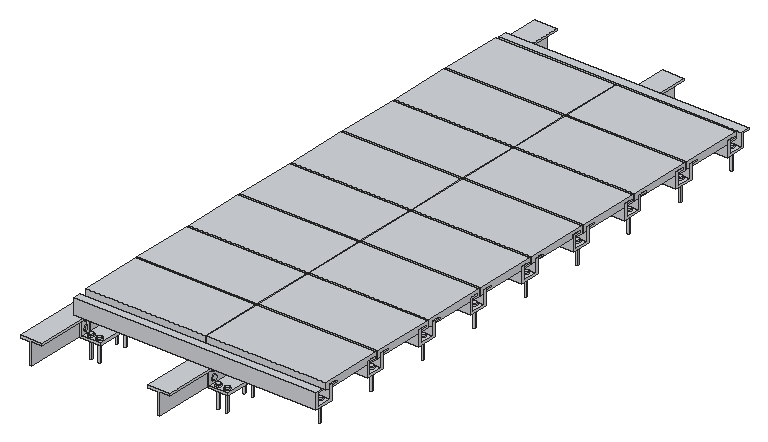
Revit family "GC - Struttura Assemblata", category Generic Models, host Face, Revit 2018
Family settings
  Host = Face
  Can host rebar = No
  Round Connector Dimension = Use Diameter
  Part Type = Normal
  Cut with Voids When Loaded = No
  Shared = No
  Room Calculation Point = No
Parameters
  Distanza Montanti = 1132.00 mm
  Distanza Correnti = 300.00 mm
  Default Elevation = 1219.20 mm
Reference planes
  plane 1 "Center (Front/Back)": y = 0
  plane 2: z = 0
  plane 3 "Center (Left/Right)": x = 0
  plane 4: y = 1119.878
  plane 5: x = 542.5
  plane 6: x = -589.5
  plane 7: y = -80.122
  plane 8: y = 219.878
  plane 9: y = 519.878
  plane 10: y = 819.878
  plane 11: y = -380.122
  plane 12: y = -680.122
  plane 13: y = -980.122
  plane 14: y = -1280.122
  plane 15: y = -1580.122
Dimensions and locks
  "Distanza Montanti": plane 6 to plane 5
  equal spacing: plane 4, plane 10, plane 9, plane 8, plane 7, plane 11, plane 12, plane 13, plane 14, plane 15
  "Distanza Correnti": plane 4 to plane 10
  aligned and locked: plane 2 to host face
  aligned and locked: level to host face
  aligned and locked: nested 3 to nested 1
  aligned and locked: nested 2 to nested 1
  aligned and locked: nested 8 to nested 5
  aligned and locked: nested 7 to nested 5
  aligned and locked: nested 6 to nested 5
  aligned and locked: plane 5 to nested 10
  aligned and locked: nested 10 to plane 10
Automatic sketch dimensions
  host sketch curve to host sketch curve = 2438.40 mm  (x2)
Nested families
  nested 1: "GC - Montante Laterale" at (-590, 1119.878, 0), type "GC - Montante Laterale"
  nested 2: "GC - Assemblaggio Bullone + Rondella + Piatto a L" at (-624.327, -331.928, 0), type "GC - Assemblaggio Bullone + Rondella + Piatto a L"
  nested 3: "GC - Assemblaggio Bullone + Rondella + Piatto a L" at (-624.327, 793.072, 0), type "GC - Assemblaggio Bullone + Rondella + Piatto a L"
  nested 4: "GC - Assemblaggio Bullone + Rondella + Piatto a L" at (-624.327, -1456.928, 0), type "GC - Assemblaggio Bullone + Rondella + Piatto a L"
  nested 5: "GC - Montante" at (5, 1119.878, 0), type "GC - Montante"
  nested 6: "GC - Assemblaggio Bullone + Rondella + Piatto a L" at (-29.327, -1456.928, 0), type "GC - Assemblaggio Bullone + Rondella + Piatto a L"
  nested 7: "GC - Assemblaggio Bullone + Rondella + Piatto a L" at (-29.327, -331.928, 0), type "GC - Assemblaggio Bullone + Rondella + Piatto a L"
  nested 8: "GC - Assemblaggio Bullone + Rondella + Piatto a L" at (-29.327, 793.072, 0), type "GC - Assemblaggio Bullone + Rondella + Piatto a L"
  nested 9: "GC - Assemblaggio Corrente + Rondella + Bullone" at (542.5, -140.122, 110) x (0, -1, 0) z (0, 0, 1), type "GC - Assemblaggio Corrente + Rondella + Bullone"
  nested 10: "GC - Assemblaggio Corrente + Rondella + Bullone" at (542.5, 759.878, 110) x (0, -1, 0) z (0, 0, 1), type "GC - Assemblaggio Corrente + Rondella + Bullone"
  nested 11: "GC - Assemblaggio Corrente + Rondella + Bullone" at (542.5, 459.878, 110) x (0, -1, 0) z (0, 0, 1), type "GC - Assemblaggio Corrente + Rondella + Bullone"
  nested 12: "GC - Assemblaggio Corrente + Rondella + Bullone" at (542.5, 159.878, 110) x (0, -1, 0) z (0, 0, 1), type "GC - Assemblaggio Corrente + Rondella + Bullone"
  nested 13: "GC - Assemblaggio Corrente + Rondella + Bullone" at (542.5, -440.122, 110) x (0, -1, 0) z (0, 0, 1), type "GC - Assemblaggio Corrente + Rondella + Bullone"
  nested 14: "GC - Assemblaggio Corrente + Rondella + Bullone" at (542.5, -740.122, 110) x (0, -1, 0) z (0, 0, 1), type "GC - Assemblaggio Corrente + Rondella + Bullone"
  nested 15: "GC - Assemblaggio Corrente + Rondella + Bullone" at (542.5, -1040.122, 110) x (0, -1, 0) z (0, 0, 1), type "GC - Assemblaggio Corrente + Rondella + Bullone"
  nested 16: "GC - Assemblaggio Corrente + Rondella + Bullone" at (542.5, -1340.122, 110) x (0, -1, 0) z (0, 0, 1), type "GC - Assemblaggio Corrente + Rondella + Bullone"
  nested 17: "GC - Assemblaggio Corrente + Rondella + Bullone" at (542.5, -1640.122, 110) x (0, -1, 0) z (0, 0, 1), type "GC - Assemblaggio Corrente + Rondella + Bullone"
  nested 18: "GC - Pannello" at (-584.5, -75.122, 180), type "GC - Pannello"
  nested 19: "GC - Pannello" at (-22.5, -75.122, 180), type "GC - Pannello"
  nested 20: "GC - Pannello" at (-584.5, 224.878, 180), type "GC - Pannello"
  nested 21: "GC - Pannello" at (-22.5, 224.878, 180), type "GC - Pannello"
  nested 22: "GC - Pannello" at (-584.5, 524.878, 180), type "GC - Pannello"
  nested 23: "GC - Pannello" at (-22.5, 524.878, 180), type "GC - Pannello"
  nested 24: "GC - Pannello" at (-584.5, -375.122, 180), type "GC - Pannello"
  nested 25: "GC - Pannello" at (-22.5, -375.122, 180), type "GC - Pannello"
  nested 26: "GC - Pannello" at (-584.5, -675.122, 180), type "GC - Pannello"
  nested 27: "GC - Pannello" at (-22.5, -675.122, 180), type "GC - Pannello"
  nested 28: "GC - Pannello" at (-584.5, -975.122, 180), type "GC - Pannello"
  nested 29: "GC - Pannello" at (-22.5, -975.122, 180), type "GC - Pannello"
  nested 30: "GC - Pannello" at (-584.5, -1275.122, 180), type "GC - Pannello"
  nested 31: "GC - Pannello" at (-22.5, -1275.122, 180), type "GC - Pannello"
  nested 32: "GC - Pannello" at (-584.5, -1575.122, 180), type "GC - Pannello"
  nested 33: "GC - Pannello" at (-22.5, -1575.122, 180), type "GC - Pannello"
Definition of nested family "GC - Montante Laterale"
  Parameters (values of type "GC - Montante Laterale")
    Montante _ Spessore = 10.00 mm
    Montante _ Raggio Foro = Montante _ Diametro Foro / 2  # 5.00 mm
    Montante _ Posizione Foro Anima Superiore = Montante _ Raggio Foro + 20.00 mm  # 25.00 mm
    Montante _ Posizione Foro Anima Inferiore = Montante _ Raggio Foro + 30.00 mm  # 35.00 mm
    Montante _ Posizione Foro Ala = 22.50 mm
    Montante _ Posizionamento Fori = 300.00 mm
    Montante _ Lunghezza = 3000.00 mm
    Montante _ Larghezza Piatto = 100.00 mm
    Montante _ Distanza Fori = 150.00 mm
    Montante _ Diametro Foro = 10.00 mm
    Montante _ Altezza = 100.00 mm
    Default Elevation = 1219.20 mm
  Reference planes
    plane 1 "Center (Front/Back)": y = 0
    plane 2: z = 0
    plane 3 "Center (Left/Right)": x = 0
    plane 4: z = 100
    plane 5: x = -10
    plane 6: z = 110
    plane 7: x = 45
    plane 8: x = -55
    plane 9: x = -5
    plane 10: y = -3000
    plane 11: y = -300
    plane 12: y = -450
    plane 13: y = -2700
    plane 14: y = -2550
    plane 15: y = -1500
    plane 16: y = -1575
    plane 17: y = -1425
    plane 18: z = 75
    plane 19: z = 100
    plane 20: z = 35
    plane 21: z = 0
    plane 22: x = -32.5
    plane 23: y = -600
    plane 24: y = -900
    plane 25: y = -1200
    plane 26: y = -1800
    plane 27: y = -2400
    plane 28: y = -2700
    plane 29: y = -300
    plane 30: y = -1500
    plane 31: y = -2727.273
    plane 32: y = -2100
    plane 33: x = 22.5
  Forms (mm)
    Extrusion 1, solid
      sketch origin (0, 0, 0) x (1, 0, 0) y (0, 1, 0)
        loop
          line (-1219.2, 1219.2) -> (-1219.2, -1219.2) -> (1219.2, -1219.2) -> (1219.2, 1219.2) -> (-1219.2, 1219.2)
      from 0 to -304.8
    Extrusion 2, solid
      sketch origin (0, 0, 0) x (1, 0, 0) y (0, 0, 1)
        loop
          line (45, 110) -> (-55, 110) -> (-55, 100) -> (-10, 100) -> (-10, 0) -> (0, 0) -> (0, 100) -> (45, 100) -> (45, 110)
      from 0 to 3000
    Extrusion 3, void
      sketch origin (0, 0, 0) x (0, 1, 0) y (0, 0, 1)
        loop
          circle (-2700, 75) r 5
        loop
          circle (-2550, 75) r 5
        loop
          circle (-1575, 75) r 5
        loop
          circle (-1425, 75) r 5
        loop
          circle (-450, 75) r 5
        loop
          circle (-300, 75) r 5
      from -193.486 to 250
    Extrusion 4, void
      sketch origin (0, 0, 0) x (0, 1, 0) y (0, 0, 1)
        loop
          circle (-2700, 35) r 5
        loop
          circle (-2550, 35) r 5
        loop
          circle (-1575, 35) r 5
        loop
          circle (-1425, 35) r 5
        loop
          circle (-450, 35) r 5
        loop
          circle (-300, 35) r 5
      from -242.341 to 250
    Extrusion 5, void
      sketch origin (0, 0, 0) x (1, 0, 0) y (0, 1, 0)
        loop
          circle (-32.5, -300) r 5
        loop
          circle (-32.5, -600) r 5
        loop
          circle (-32.5, -900) r 5
        loop
          circle (-32.5, -1200) r 5
        loop
          circle (-32.5, -1500) r 5
        loop
          circle (-32.5, -1800) r 5
        loop
          circle (-32.5, -2100) r 5
        loop
          circle (-32.5, -2400) r 5
        loop
          circle (-32.5, -2700) r 5
      from 0 to 250
    Extrusion 6, void
      sketch origin (55, 0, 0) x (1, 0, 0) y (0, 1, 0)
        loop
          circle (-32.5, -300) r 5
        loop
          circle (-32.5, -600) r 5
        loop
          circle (-32.5, -900) r 5
        loop
          circle (-32.5, -1200) r 5
        loop
          circle (-32.5, -1500) r 5
        loop
          circle (-32.5, -1800) r 5
        loop
          circle (-32.5, -2100) r 5
        loop
          circle (-32.5, -2400) r 5
        loop
          circle (-32.5, -2700) r 5
      from 0 to 250
  Cuts and joins
    Extrusion 3, Extrusion 4, Extrusion 5, Extrusion 6 cuts Extrusion 2
  Dimensions and locks
    "Montante _ Spessore": plane 3 "Center (Left/Right)" to plane 5  (x2)
    "Montante _ Spessore": plane 4 to plane 6
    equal spacing: plane 8, plane 9, plane 7
    "Montante _ Larghezza Piatto": plane 8 to plane 7
    "Montante _ Lunghezza": plane 1 "Center (Front/Back)" to plane 10
    "Montante _ Distanza Fori": plane 12 to plane 11
    "Montante _ Posizionamento Fori": plane 11 to plane 1 "Center (Front/Back)"
    "Montante _ Posizionamento Fori": plane 10 to plane 13
    "Montante _ Distanza Fori": plane 13 to plane 14
    equal spacing: plane 10, plane 15, plane 1 "Center (Front/Back)"
    "Montante _ Lunghezza": plane 10 to plane 1 "Center (Front/Back)"
    equal spacing: plane 16, plane 15, plane 17
    "Montante _ Distanza Fori": plane 16 to plane 17
    "Montante _ Altezza": plane 2 to plane 4
    "Montante _ Posizione Foro Anima Superiore": plane 18 to plane 19
    "Montante _ Posizione Foro Anima Inferiore": plane 21 to plane 20
    equal spacing: plane 8, plane 22, plane 5
    equal spacing: plane 10, plane 28, plane 27, plane 32, plane 26, plane 30, plane 25, plane 24, plane 23, plane 29, plane 1 "Center (Front/Back)"
    "Montante _ Posizione Foro Ala": plane 8 to plane 22
    "Montante _ Posizione Foro Ala": plane 33 to plane 7
    "Montante _ Raggio Foro": radius of Extrusion 3 sketch curve  (x6)
    "Montante _ Raggio Foro": radius of Extrusion 4 sketch curve  (x6)
    "Montante _ Raggio Foro": radius of Extrusion 5 sketch curve  (x9)
    "Montante _ Raggio Foro": radius of Extrusion 6 sketch curve  (x9)
    aligned and locked: plane 2 to Extrusion 1
    aligned and locked: level to Extrusion 1
    aligned and locked: plane 6 to Extrusion 2
    aligned and locked: plane 8 to Extrusion 2
    aligned and locked: Extrusion 2 to plane 4  (x2)
    aligned and locked: plane 5 to Extrusion 2
    aligned and locked: Extrusion 2 to plane 2
    aligned and locked: plane 3 "Center (Left/Right)" to Extrusion 2
    aligned and locked: Extrusion 2 to plane 7
    aligned and locked: Extrusion 2 to plane 10
    aligned and locked: plane 19 to plane 4
    aligned and locked: plane 21 to cut or joined group of Extrusion 2, Extrusion 3, Extrusion 4, Extrusion 5, Extrusion 6
  Automatic sketch dimensions
    Extrusion 1 sketch curve to Extrusion 1 sketch curve = 2438.40 mm  (x2)
    Extrusion 2 sketch curve to plane 6 = 0.00 mm
    plane 8 to Extrusion 2 sketch curve = 0.00 mm
    Extrusion 2 sketch curve to level = 0.00 mm
    plane 5 to Extrusion 2 sketch curve = 0.00 mm
    Extrusion 2 sketch curve to plane 3 "Center (Left/Right)" = 0.00 mm
    plane 7 to Extrusion 2 sketch curve = 0.00 mm
    Extrusion 2 sketch curve to plane 4 = 0.00 mm  (x2)
    Extrusion 3 sketch curve to plane 13 = 0.00 mm
    Extrusion 3 sketch curve to plane 14 = 0.00 mm
    Extrusion 3 sketch curve to plane 16 = 0.00 mm
    Extrusion 3 sketch curve to plane 17 = 0.00 mm
    Extrusion 3 sketch curve to plane 12 = 0.00 mm
    Extrusion 3 sketch curve to plane 11 = 0.00 mm
    Extrusion 3 sketch curve to plane 18 = 0.00 mm  (x6)
    Extrusion 4 sketch curve to plane 13 = 0.00 mm
    Extrusion 4 sketch curve to plane 14 = 0.00 mm
    Extrusion 4 sketch curve to plane 16 = 0.00 mm
    Extrusion 4 sketch curve to plane 17 = 0.00 mm
    Extrusion 4 sketch curve to plane 12 = 0.00 mm
    Extrusion 4 sketch curve to plane 11 = 0.00 mm
    Extrusion 4 sketch curve to plane 20 = 0.00 mm  (x6)
    Extrusion 5 sketch curve to plane 11 = 0.00 mm
    Extrusion 5 sketch curve to plane 22 = 0.00 mm  (x9)
    Extrusion 5 sketch curve to plane 15 = 0.00 mm
    Extrusion 5 sketch curve to plane 13 = 0.00 mm
    Extrusion 5 sketch curve to plane 27 = 0.00 mm
    Extrusion 5 sketch curve to plane 32 = 0.00 mm
    Extrusion 5 sketch curve to plane 26 = 0.00 mm
    Extrusion 5 sketch curve to plane 25 = 0.00 mm
    Extrusion 5 sketch curve to plane 24 = 0.00 mm
    Extrusion 5 sketch curve to plane 23 = 0.00 mm
    Extrusion 6 sketch curve to plane 11 = 0.00 mm
    Extrusion 6 sketch curve to plane 33 = 0.00 mm  (x9)
    Extrusion 6 sketch curve to plane 23 = 0.00 mm
    Extrusion 6 sketch curve to plane 24 = 0.00 mm
    Extrusion 6 sketch curve to plane 25 = 0.00 mm
    Extrusion 6 sketch curve to plane 15 = 0.00 mm
    Extrusion 6 sketch curve to plane 26 = 0.00 mm
    Extrusion 6 sketch curve to plane 32 = 0.00 mm
    Extrusion 6 sketch curve to plane 27 = 0.00 mm
    Extrusion 6 sketch curve to plane 13 = 0.00 mm
Definition of nested family "GC - Assemblaggio Bullone + Rondella + Piatto a L"
  Parameters (values of type "GC - Assemblaggio Bullone + Rondella + Piatto a L")
    Posizionamento Rondelle + Bulloni = 0.00 mm
    Default Elevation = 1219.20 mm
  Reference planes
    plane 1 "Center (Front/Back)": y = 0
    plane 2: z = 0
    plane 3 "Center (Left/Right)": x = 0
  Forms (mm)
    Extrusion 1, solid
      sketch origin (0, 0, 0) x (1, 0, 0) y (0, 1, 0)
        loop
          line (-1219.2, 1219.2) -> (-1219.2, -1219.2) -> (1219.2, -1219.2) -> (1219.2, 1219.2) -> (-1219.2, 1219.2)
      from 0 to -304.8
  Dimensions and locks
    aligned and locked: plane 2 to Extrusion 1
    aligned and locked: level to Extrusion 1
    aligned and locked: nested 1 to nested 3
    aligned and locked: nested 1 to nested 2
    aligned and locked: nested 1 to nested 5
    aligned and locked: nested 4 to nested 1
    aligned and locked: nested 1 to nested 4
    aligned and locked: nested 5 to nested 1
    aligned and locked: nested 3 to nested 1
    aligned and locked: nested 2 to nested 1
    aligned and locked: nested 1 to nested 9
    aligned and locked: nested 1 to nested 6
    aligned and locked: nested 1 to nested 8
    aligned and locked: nested 1 to nested 7
    aligned and locked: nested 9 to nested 1
    aligned and locked: nested 8 to nested 1
    aligned and locked: nested 6 to nested 1
    aligned and locked: nested 7 to nested 1
    aligned and locked: nested 16 to nested 1  (x2)
    aligned and locked: nested 17 to nested 1  (x2)
    aligned and locked: nested 15 to nested 1  (x2)
    aligned and locked: nested 14 to nested 1  (x2)
    aligned and locked: nested 11 to nested 3
    aligned and locked: nested 12 to nested 3
    aligned and locked: nested 13 to nested 1  (x2)
    aligned and locked: nested 10 to nested 1
    aligned and locked: nested 3 to nested 11
    aligned and locked: nested 3 to nested 10
    aligned and locked: nested 12 to nested 1
  Nested families
    nested 1: "GC - Piatto a L" at (34.327, -148.194, 0) x (-1, 0, 0) z (0, 0, 1), type "GC - Piatto a L"
    nested 2: "GC - Rondella" at (109.327, 26.806, 10) x (0, -1, 0) z (0, 0, 1), type "GC - Rondella"
    nested 3: "GC - Rondella" at (69.327, 26.806, 10) x (0, -1, 0) z (0, 0, 1), type "GC - Rondella"
    nested 4: "GC - Rondella" at (69.327, -123.194, 10) x (0, -1, 0) z (0, 0, 1), type "GC - Rondella"
    nested 5: "GC - Rondella" at (109.327, -123.194, 10) x (0, -1, 0) z (0, 0, 1), type "GC - Rondella"
    nested 6: "GC - Rondella" at (44.327, -123.194, 75) x (0, -1, 0) z (1, 0, 0), type "GC - Rondella"
    nested 7: "GC - Rondella" at (44.327, -123.194, 35) x (0, -1, 0) z (1, 0, 0), type "GC - Rondella"
    nested 8: "GC - Rondella" at (44.327, 26.806, 35) x (0, -1, 0) z (1, 0, 0), type "GC - Rondella"
    nested 9: "GC - Rondella" at (44.327, 26.806, 75) x (0, -1, 0) z (1, 0, 0), type "GC - Rondella"
    nested 10: "GC - Bullone" at (109.327, 26.806, 12), type "GC - Bullone"
    nested 11: "GC - Bullone" at (69.327, 26.806, 12), type "GC - Bullone"
    nested 12: "GC - Bullone" at (69.327, -123.194, 12), type "GC - Bullone"
    nested 13: "GC - Bullone" at (109.327, -123.194, 12), type "GC - Bullone"
    nested 14: "GC - Bullone" at (46.327, -123.194, 35) x (0, 0, -1) z (1, 0, 0), type "GC - Bullone"
    nested 15: "GC - Bullone" at (46.327, -123.194, 75) x (0, 0, -1) z (1, 0, 0), type "GC - Bullone"
    nested 16: "GC - Bullone" at (46.327, 26.806, 75) x (0, 0, -1) z (1, 0, 0), type "GC - Bullone"
    nested 17: "GC - Bullone" at (46.327, 26.806, 35) x (0, 0, -1) z (1, 0, 0), type "GC - Bullone"
  Definition of nested family "GC - Piatto a L"
    Parameters (values of type "GC - Piatto a L")
      Piatto a L _ Spessore = 10.00 mm
      Piatto a L _ Raggio Foro = Piatto a L _ Diametro Foro / 2  # 5.00 mm
      Piatto a L _ Posizione Foro = Piatto a L _ Raggio Foro + 20.00 mm  # 25.00 mm
      Piatto a L _ Lunghezza = 100.00 mm
      Piatto a L _ Larghezza = 200.00 mm
      Piatto a L _ Diametro Foro = 10.00 mm
      Default Elevation = 1219.20 mm
    Reference planes
      plane 1 "Center (Front/Back)": y = 0
      plane 2: z = 0
      plane 3 "Center (Left/Right)": x = 0
      plane 4: x = -10
      plane 5: z = 10
      plane 6: z = 100
      plane 7: x = -100
      plane 8: y = -200
      plane 9: z = 75
      plane 10: y = -25
      plane 11: y = -175
      plane 12: z = 35
      plane 13: x = -75
      plane 14: x = -35
    Forms (mm)
      Extrusion 1, solid
        sketch origin (0, 0, 0) x (1, 0, 0) y (0, 1, 0)
          loop
            line (-1219.2, 1219.2) -> (-1219.2, -1219.2) -> (1219.2, -1219.2) -> (1219.2, 1219.2) -> (-1219.2, 1219.2)
        from 0 to -304.8
      Extrusion 2, solid
        sketch origin (0, 0, 0) x (1, 0, 0) y (0, 0, 1)
          loop
            line (0, 100) -> (-10, 100) -> (-10, 10) -> (-100, 10) -> (-100, 0) -> (0, 0) -> (0, 100)
        from 0 to 200
      Extrusion 3, void
        sketch origin (0, 0, 0) x (0, 1, 0) y (0, 0, 1)
          loop
            circle (-25, 75) r 5
        from -213.479 to 250
      Extrusion 4, void
        sketch origin (0, 0, 0) x (0, 1, 0) y (0, 0, 1)
          loop
            circle (-175, 75) r 5
        from -61.32 to 250
      Extrusion 5, void
        sketch origin (0, 0, 0) x (0, 1, 0) y (0, 0, 1)
          loop
            circle (-25, 35) r 5
        from -70.43 to 250
      Extrusion 6, void
        sketch origin (0, 0, 0) x (0, 1, 0) y (0, 0, 1)
          loop
            circle (-175, 35) r 5
        from -70.43 to 250
      Extrusion 7, void
        sketch origin (0, 0, 0) x (1, 0, 0) y (0, 1, 0)
          loop
            circle (-75, -25) r 5
          loop
            circle (-75, -175) r 5
          loop
            circle (-35, -25) r 5
          loop
            circle (-35, -175) r 5
        from 0 to 250
    Cuts and joins
      Extrusion 3, Extrusion 4, Extrusion 5, Extrusion 6, Extrusion 7 cuts Extrusion 2
    Dimensions and locks
      "Piatto a L _ Lunghezza": plane 2 to plane 6
      "Piatto a L _ Lunghezza": plane 3 "Center (Left/Right)" to plane 7
      "Piatto a L _ Spessore": plane 3 "Center (Left/Right)" to plane 4
      "Piatto a L _ Spessore": plane 2 to plane 5
      "Piatto a L _ Larghezza": plane 1 "Center (Front/Back)" to plane 8
      "Piatto a L _ Posizione Foro": plane 6 to plane 9
      "Piatto a L _ Posizione Foro": plane 1 "Center (Front/Back)" to plane 10
      "Piatto a L _ Posizione Foro": plane 11 to plane 8
      "Piatto a L _ Posizione Foro": plane 12 to plane 5
      "Piatto a L _ Posizione Foro": plane 7 to plane 13
      "Piatto a L _ Posizione Foro": plane 14 to plane 4
      "Piatto a L _ Raggio Foro": radius of Extrusion 3 sketch curve
      "Piatto a L _ Raggio Foro": radius of Extrusion 4 sketch curve
      "Piatto a L _ Raggio Foro": radius of Extrusion 5 sketch curve
      "Piatto a L _ Raggio Foro": radius of Extrusion 6 sketch curve
      "Piatto a L _ Raggio Foro": radius of Extrusion 7 sketch curve  (x4)
      aligned and locked: plane 2 to Extrusion 1
      aligned and locked: level to Extrusion 1
      aligned and locked: Extrusion 2 sketch curve to plane 3 "Center (Left/Right)"
      aligned and locked: Extrusion 2 sketch curve to plane 6
      aligned and locked: Extrusion 2 sketch curve to plane 4
      aligned and locked: plane 2 to Extrusion 2 sketch curve
      aligned and locked: Extrusion 2 sketch curve to plane 7
      aligned and locked: Extrusion 2 sketch curve to plane 5
      aligned and locked: Extrusion 2 to plane 8
    Automatic sketch dimensions
      Extrusion 1 sketch curve to Extrusion 1 sketch curve = 2438.40 mm  (x2)
      Extrusion 3 sketch curve to plane 9 = 0.00 mm
      Extrusion 3 sketch curve to plane 10 = 0.00 mm
      Extrusion 4 sketch curve to plane 9 = 0.00 mm
      Extrusion 4 sketch curve to plane 11 = 0.00 mm
      Extrusion 5 sketch curve to plane 10 = 0.00 mm
      Extrusion 5 sketch curve to plane 12 = 0.00 mm
      Extrusion 6 sketch curve to plane 11 = 0.00 mm
      Extrusion 6 sketch curve to plane 12 = 0.00 mm
      plane 11 to Extrusion 7 sketch curve = 0.00 mm  (x2)
      Extrusion 7 sketch curve to plane 13 = 0.00 mm  (x2)
      plane 10 to Extrusion 7 sketch curve = 0.00 mm  (x2)
      Extrusion 7 sketch curve to plane 14 = 0.00 mm  (x2)
  Definition of nested family "GC - Rondella"
    Parameters (values of type "GC - Rondella")
      Rondella _ Spessore = 2.00 mm
      Rondella _ Raggio Foro = Rondella _ Diametro Foro / 2  # 5.00 mm
      Rondella _ Raggio = Rondella _ Diametro / 2  # 12.50 mm
      Rondella _ Diametro Foro = 10.00 mm
      Rondella _ Diametro = 25.00 mm
      Default Elevation = 1219.20 mm
    Reference planes
      plane 1 "Center (Front/Back)": y = 0
      plane 2: z = 0
      plane 3 "Center (Left/Right)": x = 0
      plane 4: z = 2
    Forms (mm)
      Extrusion 1, solid
        sketch origin (0, 0, 0) x (1, 0, 0) y (0, 1, 0)
          loop
            line (-1219.2, 1219.2) -> (-1219.2, -1219.2) -> (1219.2, -1219.2) -> (1219.2, 1219.2) -> (-1219.2, 1219.2)
        from 0 to -304.8
      Extrusion 2, solid
        sketch origin (0, 0, 0) x (1, 0, 0) y (0, 1, 0)
          loop
            circle (0, 0) r 12.5
        from 0 to 2
      Extrusion 3, void
        sketch origin (0, 0, 0) x (1, 0, 0) y (0, 1, 0)
          loop
            circle (0, 0) r 5
        from 0 to 250
    Cuts and joins
      Extrusion 3 cuts Extrusion 2
    Dimensions and locks
      "Rondella _ Spessore": plane 2 to plane 4
      "Rondella _ Raggio": radius of Extrusion 2 sketch curve
      "Rondella _ Raggio Foro": radius of Extrusion 3 sketch curve
      aligned and locked: plane 2 to Extrusion 1
      aligned and locked: level to Extrusion 1
      aligned and locked: plane 4 to cut or joined group of Extrusion 2, Extrusion 3
    Automatic sketch dimensions
      Extrusion 1 sketch curve to Extrusion 1 sketch curve = 2438.40 mm  (x2)
      plane 1 "Center (Front/Back)" to Extrusion 2 sketch curve = 0.00 mm
      Extrusion 2 sketch curve to plane 3 "Center (Left/Right)" = 0.00 mm
      plane 1 "Center (Front/Back)" to Extrusion 3 sketch curve = 0.00 mm
      Extrusion 3 sketch curve to plane 3 "Center (Left/Right)" = 0.00 mm
  Definition of nested family "GC - Bullone"
    Parameters (values of type "GC - Bullone")
      Testa Bullone _ Spessore = 5.00 mm
      Testa Bullone _ Raggio = Testa Bullone _ Diametro / 2  # 10.00 mm
      Testa Bullone _ Diametro = 20.00 mm
      Default Elevation = 1219.20 mm
      Anima Bullone _ Lunghezza = 100.00 mm
      Anima Bullone _ Raggio = Anima Bullone _ Diametro / 2  # 5.00 mm
      Anima Bullone _ Diametro = 10.00 mm
    Reference planes
      plane 1 "Center (Front/Back)": y = 0
      plane 2: z = 0
      plane 3 "Center (Left/Right)": x = 0
      plane 4: z = 5
      plane 5: z = -100
    Forms (mm)
      Extrusion 1, solid
        sketch origin (0, 0, 0) x (1, 0, 0) y (0, 1, 0)
          loop
            line (-1219.2, 1219.2) -> (-1219.2, -1219.2) -> (1219.2, -1219.2) -> (1219.2, 1219.2) -> (-1219.2, 1219.2)
        from 0 to -304.8
      Extrusion 2, solid
        sketch origin (0, 0, 0) x (1, 0, 0) y (0, 1, 0)
          loop
            circle (0, 0) r 10
        from 0 to 5
      Extrusion 3, solid
        sketch origin (0, 0, 0) x (1, 0, 0) y (0, 1, 0)
          loop
            circle (0, 0) r 5
        from -100 to 0
    Dimensions and locks
      "Testa Bullone _ Spessore": plane 2 to plane 4
      "Anima Bullone _ Lunghezza": plane 5 to plane 2
      "Testa Bullone _ Raggio": radius of Extrusion 2 sketch curve
      "Anima Bullone _ Raggio": radius of Extrusion 3 sketch curve
      aligned and locked: plane 2 to Extrusion 1
      aligned and locked: level to Extrusion 1
      aligned and locked: plane 4 to Extrusion 2
      aligned and locked: Extrusion 3 to plane 5
      aligned and locked: plane 2 to Extrusion 3
    Automatic sketch dimensions
      Extrusion 1 sketch curve to Extrusion 1 sketch curve = 2438.40 mm  (x2)
      plane 1 "Center (Front/Back)" to Extrusion 2 sketch curve = 0.00 mm
      Extrusion 2 sketch curve to plane 3 "Center (Left/Right)" = 0.00 mm
      plane 1 "Center (Front/Back)" to Extrusion 3 sketch curve = 0.00 mm
      Extrusion 3 sketch curve to plane 3 "Center (Left/Right)" = 0.00 mm
Definition of nested family "GC - Montante"
  Parameters (values of type "GC - Montante")
    Montante _ Spessore = 10.00 mm
    Montante _ Raggio Foro = Montante _ Diametro Foro / 2  # 5.00 mm
    Montante _ Posizione Foro Anima Superiore = Montante _ Raggio Foro + 20.00 mm  # 25.00 mm
    Montante _ Posizione Foro Anima Inferiore = Montante _ Raggio Foro + 30.00 mm  # 35.00 mm
    Montante _ Posizione Foro Ala = 22.50 mm
    Montante _ Posizionamento Fori = 300.00 mm
    Montante _ Lunghezza = 3000.00 mm
    Montante _ Larghezza Piatto = 100.00 mm
    Montante _ Distanza Fori = 150.00 mm
    Montante _ Diametro Foro = 10.00 mm
    Montante _ Altezza = 100.00 mm
    Default Elevation = 1219.20 mm
  Reference planes
    plane 1 "Center (Front/Back)": y = 0
    plane 2: z = 0
    plane 3 "Center (Left/Right)": x = 0
    plane 4: z = 100
    plane 5: x = -10
    plane 6: z = 110
    plane 7: x = 45
    plane 8: x = -55
    plane 9: x = -5
    plane 10: y = -3000
    plane 11: y = -300
    plane 12: y = -450
    plane 13: y = -2700
    plane 14: y = -2550
    plane 15: y = -1500
    plane 16: y = -1575
    plane 17: y = -1425
    plane 18: z = 75
    plane 19: z = 100
    plane 20: z = 35
    plane 21: z = 0
    plane 22: x = -32.5
    plane 23: y = -600
    plane 24: y = -900
    plane 25: y = -1200
    plane 26: y = -1800
    plane 27: y = -2400
    plane 28: y = -2700
    plane 29: y = -300
    plane 30: y = -1500
    plane 31: y = -2727.273
    plane 32: y = -2100
  Forms (mm)
    Extrusion 1, solid
      sketch origin (0, 0, 0) x (1, 0, 0) y (0, 1, 0)
        loop
          line (-1219.2, 1219.2) -> (-1219.2, -1219.2) -> (1219.2, -1219.2) -> (1219.2, 1219.2) -> (-1219.2, 1219.2)
      from 0 to -304.8
    Extrusion 2, solid
      sketch origin (0, 0, 0) x (1, 0, 0) y (0, 0, 1)
        loop
          line (45, 110) -> (-55, 110) -> (-55, 100) -> (-10, 100) -> (-10, 0) -> (0, 0) -> (0, 100) -> (45, 100) -> (45, 110)
      from 0 to 3000
    Extrusion 3, void
      sketch origin (0, 0, 0) x (0, 1, 0) y (0, 0, 1)
        loop
          circle (-2700, 75) r 5
        loop
          circle (-2550, 75) r 5
        loop
          circle (-1575, 75) r 5
        loop
          circle (-1425, 75) r 5
        loop
          circle (-450, 75) r 5
        loop
          circle (-300, 75) r 5
      from -193.486 to 250
    Extrusion 4, void
      sketch origin (0, 0, 0) x (0, 1, 0) y (0, 0, 1)
        loop
          circle (-2700, 35) r 5
        loop
          circle (-2550, 35) r 5
        loop
          circle (-1575, 35) r 5
        loop
          circle (-1425, 35) r 5
        loop
          circle (-450, 35) r 5
        loop
          circle (-300, 35) r 5
      from -242.341 to 250
    Extrusion 5, void
      sketch origin (0, 0, 0) x (1, 0, 0) y (0, 1, 0)
        loop
          circle (-32.5, -300) r 5
        loop
          circle (-32.5, -600) r 5
        loop
          circle (-32.5, -900) r 5
        loop
          circle (-32.5, -1200) r 5
        loop
          circle (-32.5, -1500) r 5
        loop
          circle (-32.5, -1800) r 5
        loop
          circle (-32.5, -2100) r 5
        loop
          circle (-32.5, -2400) r 5
        loop
          circle (-32.5, -2700) r 5
      from 0 to 250
  Cuts and joins
    Extrusion 3, Extrusion 4, Extrusion 5 cuts Extrusion 2
  Dimensions and locks
    "Montante _ Spessore": plane 3 "Center (Left/Right)" to plane 5  (x2)
    "Montante _ Spessore": plane 4 to plane 6
    equal spacing: plane 8, plane 9, plane 7
    "Montante _ Larghezza Piatto": plane 8 to plane 7
    "Montante _ Lunghezza": plane 1 "Center (Front/Back)" to plane 10
    "Montante _ Distanza Fori": plane 12 to plane 11
    "Montante _ Posizionamento Fori": plane 11 to plane 1 "Center (Front/Back)"
    "Montante _ Posizionamento Fori": plane 10 to plane 13
    "Montante _ Distanza Fori": plane 13 to plane 14
    equal spacing: plane 10, plane 15, plane 1 "Center (Front/Back)"
    "Montante _ Lunghezza": plane 10 to plane 1 "Center (Front/Back)"
    equal spacing: plane 16, plane 15, plane 17
    "Montante _ Distanza Fori": plane 16 to plane 17
    "Montante _ Altezza": plane 2 to plane 4
    "Montante _ Posizione Foro Anima Superiore": plane 18 to plane 19
    "Montante _ Posizione Foro Anima Inferiore": plane 21 to plane 20
    equal spacing: plane 8, plane 22, plane 5
    equal spacing: plane 10, plane 28, plane 27, plane 32, plane 26, plane 30, plane 25, plane 24, plane 23, plane 29, plane 1 "Center (Front/Back)"
    "Montante _ Posizione Foro Ala": plane 8 to plane 22
    "Montante _ Raggio Foro": radius of Extrusion 3 sketch curve  (x6)
    "Montante _ Raggio Foro": radius of Extrusion 4 sketch curve  (x6)
    "Montante _ Raggio Foro": radius of Extrusion 5 sketch curve  (x9)
    aligned and locked: plane 2 to Extrusion 1
    aligned and locked: level to Extrusion 1
    aligned and locked: plane 6 to Extrusion 2
    aligned and locked: plane 8 to Extrusion 2
    aligned and locked: Extrusion 2 to plane 4  (x2)
    aligned and locked: plane 5 to Extrusion 2
    aligned and locked: Extrusion 2 to plane 2
    aligned and locked: plane 3 "Center (Left/Right)" to Extrusion 2
    aligned and locked: Extrusion 2 to plane 7
    aligned and locked: Extrusion 2 to plane 10
    aligned and locked: plane 19 to plane 4
    aligned and locked: plane 21 to cut or joined group of Extrusion 2, Extrusion 3, Extrusion 4, Extrusion 5
  Automatic sketch dimensions
    Extrusion 1 sketch curve to Extrusion 1 sketch curve = 2438.40 mm  (x2)
    plane 8 to Extrusion 2 sketch curve = 0.00 mm
    plane 5 to Extrusion 2 sketch curve = 0.00 mm
    plane 3 "Center (Left/Right)" to Extrusion 2 sketch curve = 0.00 mm
    level to Extrusion 2 sketch curve = 0.00 mm
    Extrusion 2 sketch curve to plane 4 = 0.00 mm  (x2)
    plane 6 to Extrusion 2 sketch curve = 0.00 mm
    Extrusion 2 sketch curve to plane 7 = 0.00 mm
    Extrusion 3 sketch curve to plane 13 = 0.00 mm
    Extrusion 3 sketch curve to plane 14 = 0.00 mm
    Extrusion 3 sketch curve to plane 16 = 0.00 mm
    Extrusion 3 sketch curve to plane 17 = 0.00 mm
    Extrusion 3 sketch curve to plane 12 = 0.00 mm
    Extrusion 3 sketch curve to plane 11 = 0.00 mm
    Extrusion 3 sketch curve to plane 18 = 0.00 mm  (x6)
    Extrusion 4 sketch curve to plane 13 = 0.00 mm
    Extrusion 4 sketch curve to plane 14 = 0.00 mm
    Extrusion 4 sketch curve to plane 16 = 0.00 mm
    Extrusion 4 sketch curve to plane 17 = 0.00 mm
    Extrusion 4 sketch curve to plane 12 = 0.00 mm
    Extrusion 4 sketch curve to plane 11 = 0.00 mm
    Extrusion 4 sketch curve to plane 20 = 0.00 mm  (x6)
    Extrusion 5 sketch curve to plane 11 = 0.00 mm
    Extrusion 5 sketch curve to plane 22 = 0.00 mm  (x9)
    Extrusion 5 sketch curve to plane 15 = 0.00 mm
    Extrusion 5 sketch curve to plane 13 = 0.00 mm
    Extrusion 5 sketch curve to plane 27 = 0.00 mm
    Extrusion 5 sketch curve to plane 32 = 0.00 mm
    Extrusion 5 sketch curve to plane 26 = 0.00 mm
    Extrusion 5 sketch curve to plane 25 = 0.00 mm
    Extrusion 5 sketch curve to plane 24 = 0.00 mm
    Extrusion 5 sketch curve to plane 23 = 0.00 mm
Definition of nested family "GC - Assemblaggio Corrente + Rondella + Bullone"
  Parameters (values of type "GC - Assemblaggio Corrente + Rondella + Bullone")
    Default Elevation = 1219.20 mm
    Corrente _ Spessore Piatto = 5.00 mm
    Corrente _ Spessore = 10.00 mm
    Corrente _ Raggio Fori = Corrente _ Diametro Fori / 2  # 5.00 mm
    Corrente _ Lunghezza = 1132.00 mm
    Corrente _ Larghezza Piatto = 40.00 mm
    Corrente _ Larghezza = 70.00 mm
    Corrente _ Distanza Piatti = 80.00 mm
    Corrente _ Distanza Fori Centrale = 4.00 mm
    Corrente _ Distanza Fori Laterale 2 = 22.00 mm
    Corrente _ Distanza Fori Laterale = 30.00 mm
    Corrente _ Diametro Fori = 10.00 mm
  Reference planes
    plane 1 "Center (Front/Back)": y = 0
    plane 2: z = 0
    plane 3 "Center (Left/Right)": x = 0
    plane 4: z = 70
    plane 5: z = 65
    plane 6: x = -10
    plane 7: z = 10
    plane 8: x = -80
    plane 9: x = -90
    plane 10: x = -40
    plane 11: x = -120
    plane 12: y = -1132
    plane 13: y = -566
    plane 14: x = -60
    plane 15: y = -570
    plane 16: y = -30
    plane 17: y = -1110
  Forms (mm)
    Extrusion 1, solid
      sketch origin (0, 0, 0) x (1, 0, 0) y (0, 1, 0)
        loop
          line (-1219.2, 1219.2) -> (-1219.2, -1219.2) -> (1219.2, -1219.2) -> (1219.2, 1219.2) -> (-1219.2, 1219.2)
      from 0 to -304.8
    Extrusion 2, solid
      sketch origin (0, 0, 0) x (1, 0, 0) y (0, 0, 1)
        loop
          line (0, 70) -> (-40, 70) -> (-40, 65) -> (-10, 65) -> (-10, 10) -> (-80, 10) -> (-80, 70) -> (-120, 70) -> (-120, 65) -> (-90, 65) -> (-90, 0) -> (0, 0) -> (0, 70)
      from 0 to 1132
    Extrusion 3, void
      sketch origin (0, 0, 0) x (1, 0, 0) y (0, 1, 0)
        loop
          circle (-60, -570) r 5
        loop
          circle (-60, -1110) r 5
        loop
          circle (-60, -30) r 5
      from -104.188 to 250
  Cuts and joins
    Extrusion 3 cuts Extrusion 2
  Dimensions and locks
    "Corrente _ Spessore Piatto": plane 5 to plane 4
    "Corrente _ Spessore": plane 2 to plane 7
    "Corrente _ Spessore": plane 9 to plane 8
    "Corrente _ Spessore": plane 6 to plane 3 "Center (Left/Right)"
    "Corrente _ Larghezza Piatto": plane 3 "Center (Left/Right)" to plane 10
    "Corrente _ Larghezza Piatto": plane 11 to plane 8
    "Corrente _ Larghezza": plane 2 to plane 4
    "Corrente _ Distanza Piatti": plane 3 "Center (Left/Right)" to plane 8
    "Corrente _ Lunghezza": plane 1 "Center (Front/Back)" to plane 12
    equal spacing: plane 12, plane 13, plane 1 "Center (Front/Back)"
    "Corrente _ Distanza Fori Centrale": plane 13 to plane 15
    "Corrente _ Distanza Fori Laterale 2": plane 17 to plane 12
    "Corrente _ Distanza Fori Laterale": plane 1 "Center (Front/Back)" to plane 16
    "Corrente _ Raggio Fori": radius of Extrusion 3 sketch curve  (x2)
    aligned and locked: plane 2 to Extrusion 1
    aligned and locked: level to Extrusion 1
    aligned and locked: plane 4 to Extrusion 2  (x2)
    aligned and locked: plane 10 to Extrusion 2
    aligned and locked: plane 6 to Extrusion 2
    aligned and locked: plane 7 to Extrusion 2
    aligned and locked: Extrusion 2 to plane 8
    aligned and locked: plane 11 to Extrusion 2
    aligned and locked: Extrusion 2 to plane 5  (x2)
    aligned and locked: plane 9 to Extrusion 2
    aligned and locked: Extrusion 2 to plane 2
    aligned and locked: plane 3 "Center (Left/Right)" to Extrusion 2
    aligned and locked: Extrusion 2 to plane 12
    aligned and locked: nested 3 to plane 14
    aligned and locked: nested 2 to plane 14
    aligned and locked: nested 1 to plane 14
    aligned and locked: plane 16 to nested 1
    aligned and locked: plane 15 to nested 2
    aligned and locked: plane 17 to nested 3
    aligned and locked: nested 4 to plane 17
    aligned and locked: nested 4 to plane 14
    aligned and locked: nested 5 to plane 14
    aligned and locked: nested 5 to plane 15
    aligned and locked: nested 6 to plane 14
    aligned and locked: nested 6 to plane 16
  Automatic sketch dimensions
    Extrusion 1 sketch curve to Extrusion 1 sketch curve = 2438.40 mm  (x2)
    plane 11 to Extrusion 2 sketch curve = 0.00 mm
    plane 9 to Extrusion 2 sketch curve = 0.00 mm
    Extrusion 2 sketch curve to plane 8 = 0.00 mm
    plane 10 to Extrusion 2 sketch curve = 0.00 mm
    plane 6 to Extrusion 2 sketch curve = 0.00 mm
    Extrusion 2 sketch curve to level = 0.00 mm
    plane 7 to Extrusion 2 sketch curve = 0.00 mm
    Extrusion 2 sketch curve to plane 5 = 0.00 mm  (x2)
    plane 4 to Extrusion 2 sketch curve = 0.00 mm  (x2)
    plane 3 "Center (Left/Right)" to Extrusion 2 sketch curve = 0.00 mm
    Extrusion 3 sketch curve to plane 14 = 0.00 mm  (x3)
    Extrusion 3 sketch curve to plane 17 = 0.00 mm
    Extrusion 3 sketch curve to plane 15 = 0.00 mm
    Extrusion 3 sketch curve to plane 16 = 0.00 mm
    radius of Extrusion 3 sketch curve = 5.00 mm
  Nested families
    nested 1: "GC - Rondella" at (-60, -30, 10) x (-1, 0, 0) z (0, 0, 1), type "GC - Rondella"
    nested 2: "GC - Rondella" at (-60, -570, 10) x (-1, 0, 0) z (0, 0, 1), type "GC - Rondella"
    nested 3: "GC - Rondella" at (-60, -1110, 10) x (-1, 0, 0) z (0, 0, 1), type "GC - Rondella"
    nested 4: "GC - Bullone" at (-60, -1110, 12) x (0, -1, 0) z (0, 0, 1), type "GC - Bullone"
    nested 5: "GC - Bullone" at (-60, -570, 12) x (0, -1, 0) z (0, 0, 1), type "GC - Bullone"
    nested 6: "GC - Bullone" at (-60, -30, 12) x (0, -1, 0) z (0, 0, 1), type "GC - Bullone"
  Definition of nested family "GC - Rondella"
    Parameters (values of type "GC - Rondella")
      Rondella _ Spessore = 2.00 mm
      Rondella _ Raggio Foro = Rondella _ Diametro Foro / 2  # 5.00 mm
      Rondella _ Raggio = Rondella _ Diametro / 2  # 12.50 mm
      Rondella _ Diametro Foro = 10.00 mm
      Rondella _ Diametro = 25.00 mm
      Default Elevation = 1219.20 mm
    Reference planes
      plane 1 "Center (Front/Back)": y = 0
      plane 2: z = 0
      plane 3 "Center (Left/Right)": x = 0
      plane 4: z = 2
    Forms (mm)
      Extrusion 1, solid
        sketch origin (0, 0, 0) x (1, 0, 0) y (0, 1, 0)
          loop
            line (-1219.2, 1219.2) -> (-1219.2, -1219.2) -> (1219.2, -1219.2) -> (1219.2, 1219.2) -> (-1219.2, 1219.2)
        from 0 to -304.8
      Extrusion 2, solid
        sketch origin (0, 0, 0) x (1, 0, 0) y (0, 1, 0)
          loop
            circle (0, 0) r 12.5
        from 0 to 2
      Extrusion 3, void
        sketch origin (0, 0, 0) x (1, 0, 0) y (0, 1, 0)
          loop
            circle (0, 0) r 5
        from 0 to 250
    Cuts and joins
      Extrusion 3 cuts Extrusion 2
    Dimensions and locks
      "Rondella _ Spessore": plane 2 to plane 4
      "Rondella _ Raggio": radius of Extrusion 2 sketch curve
      "Rondella _ Raggio Foro": radius of Extrusion 3 sketch curve
      aligned and locked: plane 2 to Extrusion 1
      aligned and locked: level to Extrusion 1
      aligned and locked: plane 4 to cut or joined group of Extrusion 2, Extrusion 3
    Automatic sketch dimensions
      Extrusion 1 sketch curve to Extrusion 1 sketch curve = 2438.40 mm  (x2)
      plane 1 "Center (Front/Back)" to Extrusion 2 sketch curve = 0.00 mm
      Extrusion 2 sketch curve to plane 3 "Center (Left/Right)" = 0.00 mm
      plane 1 "Center (Front/Back)" to Extrusion 3 sketch curve = 0.00 mm
      Extrusion 3 sketch curve to plane 3 "Center (Left/Right)" = 0.00 mm
  Definition of nested family "GC - Bullone"
    Parameters (values of type "GC - Bullone")
      Testa Bullone _ Spessore = 5.00 mm
      Testa Bullone _ Raggio = Testa Bullone _ Diametro / 2  # 10.00 mm
      Testa Bullone _ Diametro = 20.00 mm
      Default Elevation = 1219.20 mm
      Anima Bullone _ Lunghezza = 100.00 mm
      Anima Bullone _ Raggio = Anima Bullone _ Diametro / 2  # 5.00 mm
      Anima Bullone _ Diametro = 10.00 mm
    Reference planes
      plane 1 "Center (Front/Back)": y = 0
      plane 2: z = 0
      plane 3 "Center (Left/Right)": x = 0
      plane 4: z = 5
      plane 5: z = -100
    Forms (mm)
      Extrusion 1, solid
        sketch origin (0, 0, 0) x (1, 0, 0) y (0, 1, 0)
          loop
            line (-1219.2, 1219.2) -> (-1219.2, -1219.2) -> (1219.2, -1219.2) -> (1219.2, 1219.2) -> (-1219.2, 1219.2)
        from 0 to -304.8
      Extrusion 2, solid
        sketch origin (0, 0, 0) x (1, 0, 0) y (0, 1, 0)
          loop
            circle (0, 0) r 10
        from 0 to 5
      Extrusion 3, solid
        sketch origin (0, 0, 0) x (1, 0, 0) y (0, 1, 0)
          loop
            circle (0, 0) r 5
        from -100 to 0
    Dimensions and locks
      "Testa Bullone _ Spessore": plane 2 to plane 4
      "Anima Bullone _ Lunghezza": plane 5 to plane 2
      "Testa Bullone _ Raggio": radius of Extrusion 2 sketch curve
      "Anima Bullone _ Raggio": radius of Extrusion 3 sketch curve
      aligned and locked: plane 2 to Extrusion 1
      aligned and locked: level to Extrusion 1
      aligned and locked: plane 4 to Extrusion 2
      aligned and locked: Extrusion 3 to plane 5
      aligned and locked: plane 2 to Extrusion 3
    Automatic sketch dimensions
      Extrusion 1 sketch curve to Extrusion 1 sketch curve = 2438.40 mm  (x2)
      plane 1 "Center (Front/Back)" to Extrusion 2 sketch curve = 0.00 mm
      Extrusion 2 sketch curve to plane 3 "Center (Left/Right)" = 0.00 mm
      plane 1 "Center (Front/Back)" to Extrusion 3 sketch curve = 0.00 mm
      Extrusion 3 sketch curve to plane 3 "Center (Left/Right)" = 0.00 mm
Definition of nested family "GC - Pannello"
  Parameters (values of type "GC - Pannello")
    Pannello _ Spessore Binario = 5.00 mm
    Pannello _ Spessore = 30.00 mm
    Pannello _ Profondità Binario = 10.00 mm
    Pannello _ Larghezza Binario = 40.00 mm
    Pannello _ Larghezza = 560.00 mm
    Pannello _ Altezza = 290.00 mm
    Default Elevation = 1219.20 mm
  Reference planes
    plane 1 "Center (Front/Back)": y = 0
    plane 2: z = 0
    plane 3 "Center (Left/Right)": x = 0
    plane 4: z = 12.5
    plane 5: y = 290
    plane 6: z = -17.5
    plane 7: y = 275
    plane 8: y = 235
    plane 9: y = 55
    plane 10: y = 15
    plane 11: y = 245
    plane 12: y = 25
    plane 13: x = 560
    plane 14: z = -5
  Forms (mm)
    Extrusion 1, solid
      sketch origin (0, 0, 0) x (1, 0, 0) y (0, 1, 0)
        loop
          line (-1219.2, 1219.2) -> (-1219.2, -1219.2) -> (1219.2, -1219.2) -> (1219.2, 1219.2) -> (-1219.2, 1219.2)
      from 0 to -304.8
    Extrusion 2, solid
      sketch origin (0, 0, 0) x (0, 1, 0) y (0, 0, 1)
        loop
          line (290, 12.5) -> (0, 12.5) -> (0, -17.5) -> (15, -17.5) -> (15, 0) -> (55, 0) -> (55, -5) -> (25, -5) -> (25, -17.5) -> (235, -17.5) -> (235, 0) -> (275, 0) -> (275, -5) -> (245, -5) -> (245, -17.5) -> (290, -17.5) -> (290, 12.5)
      from 0 to 560
  Dimensions and locks
    plane 2 to plane 4 = 12.50 mm
    "Pannello _ Larghezza": plane 3 "Center (Left/Right)" to plane 13
    "Pannello _ Larghezza Binario": plane 7 to plane 8
    "Pannello _ Larghezza Binario": plane 9 to plane 10
    "Pannello _ Spessore": plane 6 to plane 4
    "Pannello _ Profondità Binario": plane 11 to plane 8
    "Pannello _ Profondità Binario": plane 12 to plane 10
    "Pannello _ Spessore Binario": plane 2 to plane 14
    aligned and locked: plane 2 to Extrusion 1
    aligned and locked: level to Extrusion 1
    aligned and locked: Extrusion 2 to plane 5  (x3)
    aligned and locked: plane 1 "Center (Front/Back)" to Extrusion 2  (x2)
    aligned and locked: Extrusion 2 to plane 7
    aligned and locked: plane 8 to Extrusion 2
    aligned and locked: plane 9 to Extrusion 2  (x2)
    aligned and locked: plane 11 to Extrusion 2
    aligned and locked: plane 12 to Extrusion 2  (x2)
    aligned and locked: plane 13 to Extrusion 2
    aligned and locked: plane 4 to Extrusion 2  (x2)
    aligned and locked: plane 6 to Extrusion 2  (x4)
    aligned and locked: Extrusion 2 to plane 10
    aligned and locked: Extrusion 2 to plane 2  (x2)
    aligned and locked: Extrusion 2 to plane 14  (x2)
    aligned and locked: Extrusion 2 to plane 13
  Automatic sketch dimensions
    Extrusion 1 sketch curve to Extrusion 1 sketch curve = 2438.40 mm  (x2)
    Extrusion 2 sketch curve to plane 1 "Center (Front/Back)" = 0.00 mm
    Extrusion 2 sketch curve to level = 0.00 mm  (x2)
    Extrusion 2 sketch curve to plane 10 = 0.00 mm
    Extrusion 2 sketch curve to plane 12 = 0.00 mm
    Extrusion 2 sketch curve to plane 9 = 0.00 mm
    Extrusion 2 sketch curve to plane 8 = 0.00 mm
    Extrusion 2 sketch curve to plane 11 = 0.00 mm
    Extrusion 2 sketch curve to plane 7 = 0.00 mm
    Extrusion 2 sketch curve to plane 5 = 0.00 mm
    Extrusion 2 sketch curve to level = 5.00 mm  (x2)
    plane 6 to Extrusion 2 sketch curve = 0.00 mm  (x3)
    level to Extrusion 2 sketch curve = 12.50 mm
